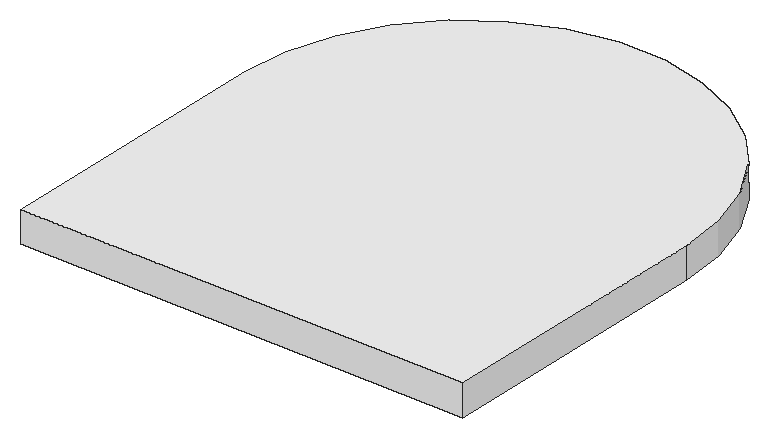
Revit family "IFO_Toilet_357500009_v_1.0", category Plumbing Fixtures, host Wall, Revit 2012
Parameters (values of type "Default")
  VVS Number = "613007000"
  URL = "www.maxsibbern.dk"
  Supply Pipe Radius = 12.5 mm
  Return Pipe Radius = 52 mm
  Reseller = "Max Sibbern A/S"
  Model = "Ifö Toilet"
  Manufacturer = "Ifö"
  Ifö Number = "357500009"
  Elevation Top = 410 mm  # constant formula
  Connector_In V distance = 135 mm  # constant formula
  Connector_In H distance = 0 mm
  Connecter_Out Vertical Placement = 220 mm  # constant formula
  CE Labeling = "yes"
  Assembly Code = "D2010"
Reference planes
  plane 1 "Wall": y = 0
  plane 2 "Center (Left/Right)": x = 125
  plane 3 "Back": y = 135
  plane 4: z = 410
  plane 5 "Recomended Floor Placement": z = 0
  plane 6: y = 145
  plane 7: z = 220
  plane 8 "Fixture top": z = 410
  plane 9: y = 155
  plane 10 "Seat": z = 415
Forms (mm)
  Extrusion 1, solid, material "Ifö_White"
    sketch origin (0, 0, 415) x (1, 0, 0) y (0, 1, 0)
      loop
        line (-52.423, 490.56) -> (-52.423, 265.56) -> (302.423, 265.56) -> (302.423, 490.56)
        arc (302.423, 490.56) -> (125, 667.983) -> (-52.423, 490.56) r 177.423
    from 0 to 25
Lines and regions (mm)
  Masking region 1
    outline origin (0, 0, -801.003) x (1, 0, 0) y (0, 0, 1)
      loop
        line (-52.423, 1211.003) -> (-52.423, 1145.175)
        arc (-52.423, 1145.175) -> (-38.704, 1060.174) -> (-6.943, 980.144) r 396.15
        line (-6.943, 980.144) -> (82.682, 980.144)
        arc (82.682, 980.144) -> (89.24, 952.176) -> (103.081, 927.003) r 105.789
        arc (103.081, 927.003) -> (125.581, 915.689) -> (148.081, 927.003) r 28.029
        arc (148.081, 927.003) -> (162.542, 951.83) -> (167.423, 980.144) r 80.967
        line (167.423, 980.144) -> (256.943, 980.144)
        arc (256.943, 980.144) -> (288.704, 1060.174) -> (302.423, 1145.175) r 396.15
        line (302.423, 1145.175) -> (302.423, 1211.003) -> (-52.423, 1211.003)
  Masking region 2, not visible
    outline origin (0, 0, -10) x (1, 0, 0) y (0, 0, 1)
      loop
        line (-52.423, 1211.003) -> (-52.423, 1145.175)
        arc (-52.423, 1145.175) -> (-38.704, 1060.174) -> (-6.943, 980.144) r 396.15
        line (-6.943, 980.144) -> (82.682, 980.144)
        arc (82.682, 980.144) -> (89.24, 952.176) -> (103.081, 927.003) r 105.789
        arc (103.081, 927.003) -> (125.581, 915.689) -> (148.081, 927.003) r 28.029
        arc (148.081, 927.003) -> (162.542, 951.83) -> (167.423, 980.144) r 80.967
        line (167.423, 980.144) -> (256.943, 980.144)
        arc (256.943, 980.144) -> (288.704, 1060.174) -> (302.423, 1145.175) r 396.15
        line (302.423, 1145.175) -> (302.423, 1211.003) -> (-52.423, 1211.003)
  Masking region 3
    outline origin (0, 60, 0) x (1, 0, 0) y (0, 1, 0)
      loop
        line (-52.423, 205.56) -> (-52.423, 75) -> (302.423, 75) -> (302.423, 205.56) -> (-52.423, 205.56)
  Masking region 4, not visible
    outline origin (0, 0, 0) x (1, 0, 0) y (0, 1, 0)
      loop
        line (-52.423, 205.56) -> (-52.423, 75) -> (302.423, 75) -> (302.423, 205.56) -> (-52.423, 205.56)
  Masking region 5
    outline origin (125, 60, -401.003) x (0, 1, 0) y (0, 0, 1)
      loop
        line (75, 580.002) -> (535, 580.002)
        arc (535, 580.002) -> (588.85, 686.407) -> (603.707, 804.733) r 348.802
        arc (603.707, 804.733) -> (601.871, 809.167) -> (597.437, 811.003) r 6.27
        line (597.437, 811.003) -> (95, 811.003)
        arc (95, 811.003) -> (80.858, 805.145) -> (75, 791.003) r 20
        line (75, 791.003) -> (75, 580.002)
  Masking region 6, not visible
    outline origin (125, 0, 0) x (0, 1, 0) y (0, 0, 1)
      loop
        line (75, 580.002) -> (535, 580.002)
        arc (535, 580.002) -> (588.85, 686.407) -> (603.707, 804.733) r 348.802
        arc (603.707, 804.733) -> (601.871, 809.167) -> (597.437, 811.003) r 6.27
        line (597.437, 811.003) -> (95, 811.003)
        arc (95, 811.003) -> (80.858, 805.145) -> (75, 791.003) r 20
        line (75, 791.003) -> (75, 580.002)
  Masking region 7
    outline origin (125, -24.007, -598.912) x (0, 1, 0) y (0, 0, 1)
      loop
        line (484.007, 777.91) -> (317.307, 777.91)
        arc (317.307, 777.91) -> (400.657, 712.809) -> (484.007, 777.91) r 85.908
  Masking region 8, not visible
    outline origin (125, -84.007, -197.909) x (0, 1, 0) y (0, 0, 1)
      loop
        line (484.007, 777.91) -> (317.307, 777.91)
        arc (317.307, 777.91) -> (400.657, 712.809) -> (484.007, 777.91) r 85.908
Text (mm)
  text "Placement Side" at (-1848.837, 1116.779, 0), in view "Ref. Level"
  text "Placement side" at (0, 1409.804, 2854.306), in view "Left"
  text "Placement side" at (0, 499.811, 2980.732), in view "Right"
Dimensions and locks
  locked: plane 3 "Back" to host wall
  "Elevation Top": plane 4 to level
  locked: plane 6 to plane 3 "Back" at 10
  locked: connector elem to plane 7
  "Connecter_Out Vertical Placement": plane 5 "Recomended Floor Placement" to plane 7
  "Connector_In V distance": plane 7 to connector elem
  "Connector_In H distance": plane 2 "Center (Left/Right)" to connector elem
  plane 4 to plane 8 "Fixture top" = 0 mm
  locked: plane 9 to plane 6 at 10
  locked: plane 4 to plane 10 "Seat" at 5
  locked: host wall to Extrusion 1 at 130.56
  locked: import instance to host wall at 5
  aligned and locked: plane 8 "Fixture top" to Masking region 1
  aligned and locked: Masking region 5 to plane 8 "Fixture top"
  aligned and locked: plane 8 "Fixture top" to import instance
  aligned and locked: import instance to plane 2 "Center (Left/Right)"
  aligned and locked: Masking region 3 to host wall
  aligned and locked: host wall to Masking region 5
Automatic sketch dimensions
  Masking region 1 sketch curve to Masking region 1 sketch curve = 40.786 mm  (x2)
  Masking region 1 sketch curve to Masking region 1 sketch curve = 45.479 mm  (x2)
  Masking region 1 sketch curve to Masking region 1 sketch curve = 89.626 mm
  Masking region 1 sketch curve to Masking region 1 sketch curve = 3.776 mm
  Masking region 1 sketch curve to Masking region 1 sketch curve = 16.623 mm
  Masking region 1 sketch curve to Masking region 1 sketch curve = 0 mm
  Masking region 1 sketch curve to Masking region 1 sketch curve = 22.5 mm  (x2)
  Masking region 1 sketch curve to Masking region 1 sketch curve = 41.842 mm
  Masking region 1 sketch curve to Masking region 1 sketch curve = 20.58 mm
  Masking region 1 sketch curve to Masking region 1 sketch curve = 68.941 mm
  Masking region 1 sketch curve to Masking region 1 sketch curve = 16.714 mm
  Masking region 1 sketch curve to Masking region 1 sketch curve = 0.621 mm
  Masking region 1 sketch curve to Masking region 1 sketch curve = 165.031 mm
  Masking region 1 sketch curve to Masking region 1 sketch curve = 20.247 mm
  Masking region 1 sketch curve to Masking region 1 sketch curve = 45.582 mm
  Masking region 2 sketch curve to Masking region 2 sketch curve = 40.786 mm  (x2)
  Masking region 2 sketch curve to Masking region 2 sketch curve = 45.479 mm  (x2)
  Masking region 2 sketch curve to Masking region 2 sketch curve = 89.626 mm
  Masking region 2 sketch curve to Masking region 2 sketch curve = 3.776 mm
  Masking region 2 sketch curve to Masking region 2 sketch curve = 16.623 mm
  Masking region 2 sketch curve to Masking region 2 sketch curve = 0 mm
  Masking region 2 sketch curve to Masking region 2 sketch curve = 22.5 mm  (x2)
  Masking region 2 sketch curve to Masking region 2 sketch curve = 41.842 mm
  Masking region 2 sketch curve to Masking region 2 sketch curve = 20.58 mm
  Masking region 2 sketch curve to Masking region 2 sketch curve = 68.941 mm
  Masking region 2 sketch curve to Masking region 2 sketch curve = 16.714 mm
  Masking region 2 sketch curve to Masking region 2 sketch curve = 0.621 mm
  Masking region 2 sketch curve to Masking region 2 sketch curve = 165.031 mm
  Masking region 2 sketch curve to Masking region 2 sketch curve = 20.247 mm
  Masking region 2 sketch curve to Masking region 2 sketch curve = 45.582 mm
  plane 2 "Center (Left/Right)" to Extrusion 1 sketch curve = 0 mm
  Extrusion 1 sketch curve to Extrusion 1 sketch curve = 177.423 mm
  plane 9 to Extrusion 1 sketch curve = 110.56 mm
  Extrusion 1 sketch curve to Extrusion 1 sketch curve = 225 mm
  Masking region 3 sketch curve to Masking region 3 sketch curve = 354.846 mm
  Masking region 3 sketch curve to Masking region 3 sketch curve = 130.56 mm
  Masking region 4 sketch curve to Masking region 4 sketch curve = 354.846 mm
  Masking region 4 sketch curve to Masking region 4 sketch curve = 130.56 mm
  Masking region 5 sketch curve to Masking region 5 sketch curve = 20 mm
  Masking region 5 sketch curve to Masking region 5 sketch curve = 160.289 mm
  Masking region 5 sketch curve to Masking region 5 sketch curve = 279.711 mm
  Masking region 5 sketch curve to Masking region 5 sketch curve = 62.437 mm
  Masking region 5 sketch curve to Masking region 5 sketch curve = 6.27 mm
  Masking region 5 sketch curve to Masking region 5 sketch curve = 208.385 mm
  Masking region 6 sketch curve to Masking region 6 sketch curve = 20 mm
  Masking region 6 sketch curve to Masking region 6 sketch curve = 160.289 mm
  Masking region 6 sketch curve to Masking region 6 sketch curve = 279.711 mm
  Masking region 6 sketch curve to Masking region 6 sketch curve = 62.437 mm
  Masking region 6 sketch curve to Masking region 6 sketch curve = 6.27 mm
  Masking region 6 sketch curve to Masking region 6 sketch curve = 208.385 mm
  Masking region 7 sketch curve to Masking region 7 sketch curve = 83.35 mm
  Masking region 7 sketch curve to Masking region 7 sketch curve = 20.807 mm
  Masking region 8 sketch curve to Masking region 8 sketch curve = 83.35 mm
  Masking region 8 sketch curve to Masking region 8 sketch curve = 20.807 mm
Connectors
  piping at (125, 135, 220), driven by "Return Pipe Radius"
    settings: on host wall, index 1, connector radius 52 mm, flow factor 0, pipe flow 0.0 L/s, pressure drop 0.0 Pa, fitting loss kfactor 0, connector angle 0.00°, fixture units 0, engagement length 0 mm, flow configuration 0, flow direction 2, fitting loss method 0, system type 16, joint type 0, gender type 0, connector reference index -1, connector utility 0, adjustable connector no, is connector primary yes, fitting loss table "", connector description ""
  piping at (125, 135, 355), driven by "Supply Pipe Radius"
    settings: on host wall, index 2, connector radius 12.5 mm, flow factor 0, pipe flow 0.0 L/s, pressure drop 0.0 Pa, fitting loss kfactor 0, connector angle 0.00°, fixture units 0, engagement length 0 mm, flow configuration 0, flow direction 1, fitting loss method 0, system type 20, joint type 0, gender type 0, connector reference index -1, connector utility 0, adjustable connector no, is connector primary no, fitting loss table "", connector description ""
